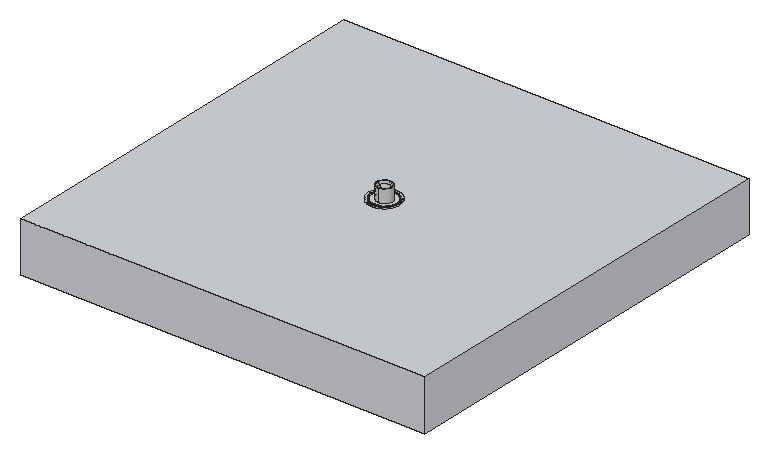
Revit family "LAMP_HANCE DOWNLIGHT SEMIRECESSED FLOOD 3000_4000", category Modelos genéricos, Revit 2015
Parameters (values of type "2686LM 4000K 3000 BLACK")
  Weight = 1.54 kg
  Aro 3000/4000 = yes
  Aro 1000/2000 = no
  Type = "COB PHILIPS"
  Tilting [instance] = if(Tilt < 0.00°, 180.00°, if(Tilt > 85.00°, 265.00°, Tilt + 180.00°))  # 180.00°
  Tilt [instance] = 0.00°
  Recessed diameter = 175 mm
  Protection rating = "IP20"
  Product datasheet = "http://www.lamp.es/product-files/TECH/HD1SR30FL840NBB-EN.pdf"
  Product code = "HD1SR30FL840NBB"
  Product URL = "https://www.lamp.es/en/family/hance-downlight_196363"
  Power Supply = "220-240V 50/60Hz"
  Power = 25 W
  Plum = 27.8 W
  Photometric web file = Cuerpo Hance BASE (tilting)_FL : 2686LM 4000K 3000 BLACK
  Modelo = Product code  # "HD1SR30FL840NBB"
  Model explanation = "Availability of tilting between 0º and 85º when placed in a project."
  Material interior aro = LAMP_Aluminio Hance Negro
  Material aro = LAMP_Aluminio Hance Negro
  Manufacturer name = "LAMP"
  Manufacturer country = "Spain"
  Manufacturer URL = "http://www.lamp.es/en"
  MacAdam = "3"
  Luminaire type = "Indoor - Recessed downlight"
  Last update = "22/11/2019"
  Lamp = "COB LED"
  LED Lifetime = "50.000 L80 B10"
  Insulation class = "II"
  Installation instructions = "https://www.lamp.es/product-files/INS/1004410-B-INSTR.%20DE%20MONTAJE%20HANCE%20DOWNLIGHT.pdf"
  Initial intensity = 2686 lm
  Initial color = 4000 K
  IEE = "A+"
  Gear = "Electronic"
  Finish = "Texturised black RAL 9011"
  Fabricante = Manufacturer name  # "LAMP"
  Default Elevation = 1219.2 mm
  Efficacy = 96.62 lm/W
  Radio aro exterior = 49 mm
  Diameter = 188 mm
  Descripción = "HANCE DOWN SEMIREC 3000 NW FL BK."
  Decorative ring [instance] = Aro decorativo 3000_4000 (tilting) : Black
  Comentarios de tipo = Model explanation  # "Availability of tilting between 0º and 85º when placed in a project."
  CRI = "80"
  Altura modulos = 145 mm
Types (8, lengths in mm): name | Product datasheet | Product code | Power | Plum | Photometric web file | Modelo | Material aro | Initial intensity | Initial color | Finish | Efficacy | Descripción
  2686LM 4000K 3000 BLACK | "http://www.lamp.es/product-files/TECH/HD1SR30FL840NBB-EN.pdf" | "HD1SR30FL840NBB" | 25 W | 27.8 W | Cuerpo Hance BASE (tilting)_FL : 2686LM 4000K 3000 BLACK | "HD1SR30FL840NBB" | LAMP_Aluminio Hance Negro | 2686 lm | 4000 K | "Texturised black RAL 9011" | 96.62 lm/W | "HANCE DOWN SEMIREC 3000 NW FL BK."
  2686LM 4000K 3000 WHITE | "http://www.lamp.es/product-files/TECH/HD1SR30FL840NBW-EN.pdf" | "HD1SR30FL840NBW" | 25 W | 27.8 W | Cuerpo Hance BASE (tilting)_FL : 2686LM 4000K 3000 WHITE | "HD1SR30FL840NBW" | LAMP_Aluminio Hance Blanco | 2686 lm | 4000 K | "Texturised white RAL 9010" | 96.62 lm/W | "HANCE DOWN SEMIREC 3000 NW FL WH."
  2740LM 3000K 3000 BLACK | "http://www.lamp.es/product-files/TECH/HD1SR30FL830NBB-EN.pdf" | "HD1SR30FL830NBB" | 25 W | 28.2 W | Cuerpo Hance BASE (tilting)_FL : 2740LM 3000K 3000 BLACK | "HD1SR30FL830NBB" | LAMP_Aluminio Hance Negro | 2740 lm | 3000 K | "Texturised black RAL 9011" | 97.16 lm/W | "HANCE DOWN SEMIREC 3000 WW FL BK."
  2740LM 3000K 3000 WHITE | "http://www.lamp.es/product-files/TECH/HD1SR30FL830NBW-EN.pdf" | "HD1SR30FL830NBW" | 25 W | 28.2 W | Cuerpo Hance BASE (tilting)_FL : 2740LM 3000K 3000 WHITE | "HD1SR30FL830NBW" | LAMP_Aluminio Hance Blanco | 2740 lm | 3000 K | "Texturised white RAL 9010" | 97.16 lm/W | "HANCE DOWN SEMIREC 3000 WW FL WH."
  3695LM 3000K 4000 BLACK | "http://www.lamp.es/product-files/TECH/HD1SR40FL830NBB-EN.pdf" | "HD1SR40FL830NBB" | 34 W | 37.6 W | Cuerpo Hance BASE (tilting)_FL : 3695LM 3000K 4000 BLACK | "HD1SR40FL830NBB" | LAMP_Aluminio Hance Negro | 3695 lm | 3000 K | "Texturised black RAL 9011" | 98.28 lm/W | "HANCE DOWN SEMIREC 4000 WW FL BK."
  3695LM 3000K 4000 WHITE | "http://www.lamp.es/product-files/TECH/HD1SR40FL830NBW-EN.pdf" | "HD1SR40FL830NBW" | 34 W | 37.6 W | Cuerpo Hance BASE (tilting)_FL : 3695LM 3000K 4000 WHITE | "HD1SR40FL830NBW" | LAMP_Aluminio Hance Blanco | 3695 lm | 3000 K | "Texturised white RAL 9010" | 98.28 lm/W | "HANCE DOWN SEMIREC 4000 WW FL WH."
  3845LM 4000K 4000 BLACK | "http://www.lamp.es/product-files/TECH/HD1SR40FL840NBB-EN.pdf" | "HD1SR40FL840NBB" | 34 W | 37.6 W | Cuerpo Hance BASE (tilting)_FL : 3845LM 4000K 4000 BLACK | "HD1SR40FL840NBB" | LAMP_Aluminio Hance Negro | 3845 lm | 4000 K | "Texturised black RAL 9011" | 102.26 lm/W | "HANCE DOWN SEMIREC 4000 NW FL BK."
  3845LM 4000K 4000 WHITE | "http://www.lamp.es/product-files/TECH/HD1SR40FL840NBW-EN.pdf" | "HD1SR40FL840NBW" | 34 W | 37.6 W | Cuerpo Hance BASE (tilting)_FL : 3845LM 4000K 4000 WHITE | "HD1SR40FL840NBW" | LAMP_Aluminio Hance Blanco | 3845 lm | 4000 K | "Texturised white RAL 9010" | 102.26 lm/W | "HANCE DOWN SEMIREC 4000 NW FL WH."
Reference planes
  plane 1 "Centro (Frontal/Posterior)": y = 0
  plane 2: z = 0
  plane 3 "Centro (Izquierda/Derecha)": x = 0
Forms (mm)
  Extrusion 1, solid
    sketch origin (0, 0, 0) x (1, 0, 0) y (0, 1, 0)
      loop
        line (-1219.2, 1219.2) -> (-1219.2, -1219.2) -> (1219.2, -1219.2) -> (1219.2, 1219.2) -> (-1219.2, 1219.2)
    from 0 to -304.8
  Revolve 2, solid, material "LAMP_Aluminio Hance Negro" <- "Material aro"
    sketch origin (0, 0, 0) x (1, 0, 0) y (0, 0, 1)
      loop
        line (94, 0) -> (94, 1) -> (79.1, 1) -> (79.1, -38.896) -> (87.1, -38.896) -> (87.1, -37.896) -> (81.6, -37.896) -> (81.6, 0) -> (94, 0)
      axis (0, 1) -> (0, -38.896)
    angle from 0 to 360
  Revolve 3, solid, material "LAMP_Aluminio Hance Negro" <- "Material interior aro", visible <- "Aro 3000/4000"
    sketch origin (0, 0, 0) x (1, 0, 0) y (0, 0, 1)
      loop
        arc (74.724, -0.646) -> (74.448, -1.016) -> (74.348, -1.466) r 1.1
        arc (74.348, -1.466) -> (72.204, -17.889) -> (66.127, -33.297) r 67.535
        arc (66.127, -33.297) -> (65.772, -33.665) -> (65.28, -33.8) r 0.965
        line (65.28, -33.8) -> (0, -33.8) -> (0, -34.8) -> (65.28, -34.8)
        arc (65.28, -34.8) -> (65.772, -34.665) -> (66.127, -34.297) r 0.965
        arc (66.127, -34.297) -> (72.204, -18.889) -> (74.348, -2.466) r 67.535
        arc (74.348, -2.466) -> (74.448, -2.016) -> (74.724, -1.646) r 1.1
        arc (74.724, -1.646) -> (76.762, -0.425) -> (79.1, 0) r 6.641
        line (79.1, 0) -> (79.1, 1)
        arc (79.1, 1) -> (76.762, 0.575) -> (74.724, -0.646) r 6.641
      axis (0, 1) -> (0, -34.8)
    angle from 0 to 360
  Extrusion 4, void
    sketch origin (0, 0, 0) x (1, 0, 0) y (0, 1, 0)
      loop
        line (22.671, 46.054) -> (-22.668, 46.054)
        arc (-22.668, 46.054) -> (-69.098, -0.376) -> (-22.668, -46.807) r 46.43
        line (-22.668, -46.807) -> (22.671, -46.807)
        arc (22.671, -46.807) -> (69.102, -0.376) -> (22.671, 46.054) r 46.43
    from -196.113 to 250
Cuts and joins
  Extrusion 4 cuts Revolve 3
Text (mm)
  text "Any modification of the parameters and properties of the LAMP BIM models must be executed and validated by the LAMP technical department.\n\nPhone: +34 93 736 68 00\n\nE-mail: lamp@lamp.es\n\n\n\nLAMP reserves the right to modify the technical specifications of its products." at (39771.841, -40794.867, 40621.237), in view "Preview"
Dimensions and locks
  aligned and locked: plane 2 to Extrusion 1
  aligned and locked: level to Extrusion 1
Nested families
  nested 1: "Aro decorativo 3000_4000 (tilting)" at (0, 0, 4.868) x (1, 0, 0) z (0, 0, -1), type <- "Decorative ring", type "Black"
    with Tilting 180.00°
  nested 2: "Cuerpo Hance BASE (tilting)_FL" at (0, 1.967, 44.588), type <- "Photometric web file", type "2686LM 4000K 3000 BLACK"
    with Tilting 180.00°
Definition of nested family "Aro decorativo 3000_4000 (tilting)"
  Parameters (values of type "Black")
    Weight (3000/4000) = 0.016 kg
    Weight (1000/2000) = 0.01 kg
    Tilting = 0.00°
    Product datasheet = ""
    Product code (3000/4000) = "HSRI90C"
    Product code (1000/2000) = "HSRI65C"
    Product URL = ""
    Model = ""
    Material aro = none
    Manufacturer name = "LAMP"
    Manufacturer country = "Spain"
    Manufacturer URL = "http://www.lamp.es/en"
    Longitud = 42.5 mm
    Last update = "21/05/2018"
    Installation instructions = ""
    Finish = "Metalized matt copper"
    Manufacturer = Manufacturer name  # "LAMP"
    Default Elevation = 1219.2 mm
    Diameter (3000/4000) = 90 mm
    Diameter (1000/2000) = 65 mm
    Description = ""
    Accessory Type = "Optic"
    3000/4000 Model = "HSRI90C"
    3000/4000 Description = "HANCE 3000/4000 ACC. RING DECO CO."
    1000/2000 Model = "HSRI65C"
    1000/2000 Description = "HANCE 1000/2000 ACC. RING DECO CO."
  Types (5, lengths in mm): name | Product code (3000/4000) | Product code (1000/2000) | Finish | 3000/4000 Model | 3000/4000 Description | 1000/2000 Model | 1000/2000 Description
    (no name) | "HSRI90C" | "HSRI65C" | "Metalized matt copper" | "HSRI90C" | "HANCE 3000/4000 ACC. RING DECO CO." | "HSRI65C" | "HANCE 1000/2000 ACC. RING DECO CO."
    Black | "HSRI90C" | "HSRI65C" | "Metalized matt copper" | "HSRI90C" | "HANCE 3000/4000 ACC. RING DECO CO." | "HSRI65C" | "HANCE 1000/2000 ACC. RING DECO CO."
    Copper | "HSRI90C" | "HSRI65C" | "Metalized matt copper" | "HSRI90C" | "HANCE 3000/4000 ACC. RING DECO CO." | "HSRI65C" | "HANCE 1000/2000 ACC. RING DECO CO."
    Grey | "HSRI90M" | "HSRI65M" | "Metalized matt silver" | "HSRI90M" | "HANCE 3000/4000 ACC. RING DECO MET." | "HSRI65M" | "HANCE 1000/2000 ACC. RING DECO MET."
    White | "HSRI90W" | "HSRI65W" | "Matt White" | "HSRI90W" | "HANCE 3000/4000 ACC. RING DECO WH." | "HSRI65W" | "HANCE 1000/2000 ACC. RING DECO WH."
  Reference planes
    plane 1 "Centro (Frontal/Posterior)": y = 0
    plane 2: z = 0
    plane 3 "Centro (Izquierda/Derecha)": x = 0
  Lines and regions (mm)
    reference lines
      curve 1: line (0, 0, 0) -> (0, 0, 80.8)
    model lines
      curve 2: line (68.747, 0, 0) -> (69.9, 0, 0)
  Text (mm)
    text "Any modification of the parameters and properties of the LAMP BIM models must be executed and validated by the LAMP technical department.\n\nPhone: +34 93 736 68 00\n\nE-mail: lamp@lamp.es\n\n\n\nLAMP reserves the right to modify the technical specifications of its products." at (86527.204, -96597.187, 50741.736), in view "Preview"
  Dimensions and locks
    "Tilting": angle curve 1 to plane 3 "Centro (Izquierda/Derecha)"
    aligned and locked: level to plane 2
    aligned and locked: plane 3 "Centro (Izquierda/Derecha)" to curve 1
    aligned and locked: plane 2 to curve 1
  Automatic sketch dimensions
    curve 2 to level = 0 mm
    plane 3 "Centro (Izquierda/Derecha)" to curve 2 = 68.747 mm
    curve 2 to curve 2 = 1.153 mm
  Nested families
    nested 1: "Aro decorativo 3000_4000" at (-27.9, 0, 17.2) x (0, 0, 1) z (-1, 0, 0), type "Copper"
  Definition of nested family "Aro decorativo 3000_4000"
    Parameters (values of type "Black")
      Weight (3000/4000) = 0.016 kg
      Weight (1000/2000) = 0.01 kg
      Product datasheet = ""
      Product code (3000/4000) = "HSRI90C"
      Product code (1000/2000) = "HSRI65C"
      Product URL = ""
      Model = ""
      Material aro = none
      Manufacturer name = "LAMP"
      Manufacturer country = "Spain"
      Manufacturer URL = "http://www.lamp.es/en"
      Longitud = 42.5 mm
      Last update = "21/05/2018"
      Installation instructions = ""
      Finish = "Metalized matt copper"
      Manufacturer = Manufacturer name  # "LAMP"
      Default Elevation = 1219.2 mm
      Diametro vaciado aro interior = if(Diametro aro interior = 35.4 mm, 34.4 mm, 21.9 mm)  # 34.4 mm
      Diametro vaciado aro exterior = if(Diametro aro exterior = 42.9 mm, 41.9 mm, 29.4 mm)  # 41.9 mm
      Diametro aro interior = if(Diametro aro exterior = 42.9 mm, 35.4 mm, 22.9 mm)  # 35.4 mm
      Diametro aro exterior = if(Longitud = 42.5 mm, 42.9 mm, 30.4 mm)  # 42.9 mm
      Diameter (3000/4000) = 90 mm
      Diameter (1000/2000) = 65 mm
      Description = ""
      Accessory Type = "Optic"
      3000/4000 Model = "HSRI90C"
      3000/4000 Description = "HANCE 3000/4000 ACC. RING DECO CO."
      1000/2000 Description = "HANCE 1000/2000 ACC. RING DECO CO."
      1000/2000 Model = "HSRI65C"
    Types (4, lengths in mm): name | Manufacturer URL
      Black | "http://www.lamp.es/en"
      Copper | "http://www.lamp.es/en"
      Grey | "http://www.lamp.es/en"
      White | ""
    Reference planes
      plane 1 "Centro (Frontal/Posterior)": y = 0
      plane 2: z = 0
      plane 3 "Centro (Izquierda/Derecha)": x = 0
    Forms (mm)
      Revolve 1, solid, material <- "Material aro"
        sketch origin (0, 0, -27.9) x (1, 0, 0) y (0, 0, 1)
          loop
            line (42.5, 0) -> (52.682, 0) -> (52.682, 42.9) -> (42.5, 35.4) -> (42.5, 0)
          axis (52.682, 0) -> (42.5, 0)
        angle from 0 to 360
      Revolve 2, void
        sketch origin (0, 0, -27.9) x (1, 0, 0) y (0, 0, 1)
          loop
            line (52.682, 41.9) -> (42.5, 34.4) -> (42.5, 0) -> (52.682, 0) -> (52.682, 41.9)
          axis (42.5, 0) -> (52.682, 0)
        angle from 0 to 360
    Cuts and joins
      Revolve 2 cuts Revolve 1
    Lines and regions (mm)
      reference lines
        curve 1: line (0, 0, -27.9) -> (42.5, 0, -27.9)
    Text (mm)
      text "Any modification of the parameters and properties of the LAMP BIM models must be executed and validated by the LAMP technical department.\n\nPhone: +34 93 736 68 00\n\nE-mail: lamp@lamp.es\n\n\n\nLAMP reserves the right to modify the technical specifications of its products." at (91886.357, -93022.329, 47898.266), in view "Preview"
    Dimensions and locks
      "Diametro aro exterior": Revolve 1 sketch curve to Revolve 1 sketch curve
      "Diametro vaciado aro exterior": Revolve 2 sketch curve to Revolve 2 sketch curve
      "Longitud": curve 1 to plane 3 "Centro (Izquierda/Derecha)"
      "Diametro aro interior": Revolve 1 sketch curve to Revolve 1 sketch curve
      "Diametro vaciado aro interior": Revolve 2 sketch curve to Revolve 2 sketch curve
      aligned and locked: level to plane 2
    Automatic sketch dimensions
      Revolve 1 sketch curve to curve 1 = 0 mm  (x4)
      curve 1 to Revolve 1 sketch curve = 10.182 mm
      Revolve 1 sketch curve to Revolve 1 sketch curve = 0 mm
      Revolve 2 sketch curve to curve 1 = 0 mm  (x3)
      curve 1 to Revolve 2 sketch curve = 10.182 mm
      Revolve 2 sketch curve to curve 1 = 1261.008 mm
      Revolve 2 sketch curve to Revolve 2 sketch curve = 1898.983 mm
      curve 1 to plane 3 "Centro (Izquierda/Derecha)" = 0 mm
      curve 1 to level = 27.9 mm
Definition of nested family "Cuerpo Hance BASE (tilting)_FL"
  Parameters (values of type "675LM 4000K 1000 BLACK")
    Tilting = 90.00°
    Photometric web file = Cuerpo Hance BASE_FL : 675LM 4000K 1000 BLACK
    Longitud cuerpo = 135 mm
    Default Elevation = 1219.2 mm
  Types (17, lengths in mm): name | Photometric web file
    (no name) | Cuerpo Hance BASE_FL : 675LM 4000K 1000 BLACK
    675LM 4000K 1000 BLACK | Cuerpo Hance BASE_FL : 675LM 4000K 1000 BLACK
    675LM 4000K 1000 WHITE | Cuerpo Hance BASE_FL : 675LM 4000K 1000 WHITE
    697LM 3000K 1000 BLACK | Cuerpo Hance BASE_FL : 697LM 3000K 1000 BLACK
    697LM 3000K 1000 WHITE | Cuerpo Hance BASE_FL : 697LM 3000K 1000 WHITE
    1445LM 3000K 2000 BLACK | Cuerpo Hance BASE_FL : 1445LM 3000K 2000 BLACK
    1445LM 3000K 2000 WHITE | Cuerpo Hance BASE_FL : 1445LM 3000K 2000 WHITE
    1466LM 4000K 2000 BLACK | Cuerpo Hance BASE_FL : 1466LM 4000K 2000 BLACK
    1466LM 4000K 2000 WHITE | Cuerpo Hance BASE_FL : 1466LM 4000K 2000 WHITE
    2686LM 4000K 3000 BLACK | Cuerpo Hance BASE_FL : 2686LM 4000K 3000 BLACK
    2686LM 4000K 3000 WHITE | Cuerpo Hance BASE_FL : 2686LM 4000K 3000 WHITE
    2740LM 3000K 3000 BLACK | Cuerpo Hance BASE_FL : 2740LM 3000K 3000 BLACK
    2740LM 3000K 3000 WHITE | Cuerpo Hance BASE_FL : 2740LM 3000K 3000 WHITE
    3695LM 3000K 4000 BLACK | Cuerpo Hance BASE_FL : 3695LM 3000K 4000 BLACK
    3695LM 3000K 4000 WHITE | Cuerpo Hance BASE_FL : 3695LM 3000K 4000 WHITE
    3845LM 4000K 4000 BLACK | Cuerpo Hance BASE_FL : 3845LM 4000K 4000 BLACK
    3845LM 4000K 4000 WHITE | Cuerpo Hance BASE_FL : 3845LM 4000K 4000 WHITE
  Reference planes
    plane 1 "Centro (Frontal/Posterior)": y = 0
    plane 2: z = 0
    plane 3 "Centro (Izquierda/Derecha)": x = 0
  Lines and regions (mm)
    reference lines
      curve 1: line (0, 0, 0) -> (200, 0, 0)
  Dimensions and locks
    "Tilting": angle plane 3 "Centro (Izquierda/Derecha)" to curve 1
    aligned and locked: level to plane 2
    aligned and locked: plane 3 "Centro (Izquierda/Derecha)" to curve 1
    aligned and locked: plane 2 to curve 1
  Nested families
    nested 1: "Cuerpo Hance BASE_FL" at (-27.838, -1.967, 27.875), type <- "Photometric web file", type "675LM 4000K 1000 BLACK"
  Definition of nested family "Cuerpo Hance BASE_FL"
    Parameters (values of type "675LM 4000K 1000 BLACK")
      Tilt Angle = 90.00° + Tilting  # 180.00°
      Wattage = 7.6 W
      Tilting = 90.00°
      built-in parameter 1150107 = 4000 (stored number, unit not read)
      Radio vacio posterior = Radio cuerpo - 2.2 mm  # 30.3 mm
      Radio vaciado = Radio cuerpo - 1.5 mm  # 31 mm
      Radio cuerpo = if(Longitud cuerpo = 100 mm, 45 mm, 32.5 mm)  # 32.5 mm
      built-in parameter 1150110 = 1 (stored number, unit not read)
      built-in parameter 1150109 = 1 (stored number, unit not read)
      built-in parameter 1150112 = 1 (stored number, unit not read)
      built-in parameter 1150113 = 1 (stored number, unit not read)
      built-in parameter 1114218 = 1 (stored number, unit not read)
      built-in parameter 1150137 = (empty or 0)
      built-in parameter 1150132 = 2
      Material reflector = none
      Material cuerpo = none
      Material COB = none
      Longitud cuerpo = 135 mm
      Long. origen luz = if(Longitud cuerpo = 100 mm, 20 mm, if(Longitud cuerpo = 170 mm, 55 mm, 90 mm))  # 90 mm
      L_3 = if(Ancho disipador posterior = 80.4 mm, 39.6 mm, 12 mm)  # 12 mm
      L_2 = if(Ancho disipador posterior = 80.4 mm, 36.3 mm, 22.6 mm)  # 22.6 mm
      L_1 = if(Ancho disipador posterior = 80.4 mm, 36.8 mm, 25.4 mm)  # 25.4 mm
      built-in parameter 1150105 = 2229.4 (stored number, unit not read)
      built-in parameter 1150102 = (empty or 0)
      built-in parameter 1150106 = 22.294 (stored number, unit not read)
      Lumens = 675.032 lm
      Color Filter = 16777215
      built-in parameter 1114217 = 1 (stored number, unit not read)
      built-in parameter 1150139 = (empty or 0)
      Default Elevation = 1219.2 mm
      built-in parameter 1150104 = 8.2516 (stored number, unit not read)
      Diametro aro = if(Radio cuerpo = 45 mm, 42.9 mm, 30.4 mm)  # 30.4 mm
      built-in parameter 1150115 = 1 (stored number, unit not read)
      built-in parameter 1150114 = 1 (stored number, unit not read)
      built-in parameter 1150138 = (empty or 0)
      built-in parameter 1150134 = 12
      Dimming Lamp Color Temperature Shift = (empty or 0)
      Photometric Web File = "HD1RE10FL840NBB.IES"
      Ancho vaciado reflector = if(Radio cuerpo = 45 mm, 34.4 mm, 21.9 mm)  # 21.9 mm
      Ancho reflector = if(Radio cuerpo = 45 mm, 35.4 mm, 22.9 mm)  # 22.9 mm
      Ancho disipador posterior = if(Radio cuerpo = 32.5 mm, 53 mm, 80.4 mm)  # 53 mm
      built-in parameter 1150133 = 10 (stored number, unit not read)
      Altura disipador superior = if(Radio cuerpo = 45 mm, 23.9 mm, 36.9 mm)  # 36.9 mm
      Ancho disipador superior = if(Radio cuerpo = 45 mm, 28 mm, 22.6 mm)  # 22.6 mm
    Types (16, lengths in mm): name | Wattage | built-in parameter 1150107 | Radio vacio posterior | Radio vaciado | Radio cuerpo | Longitud cuerpo | Long. origen luz | L_3 | L_2 | L_1 | built-in parameter 1150105 | built-in parameter 1150106 | Lumens | built-in parameter 1150104 | Diametro aro | built-in parameter 1150134 | Photometric Web File | Ancho vaciado reflector | Ancho reflector | Ancho disipador posterior | Altura disipador superior | Ancho disipador superior
      675LM 4000K 1000 BLACK | 7.6 W | 4000 (stored number, unit not read) | 30.3 | 31 | 32.5 | 135 | 90 | 12 | 22.6 | 25.4 | 2229.4 (stored number, unit not read) | 22.294 (stored number, unit not read) | 675.032 lm | 8.2516 (stored number, unit not read) | 30.4 | 12 | "HD1RE10FL840NBB.IES" | 21.9 | 22.9 | 53 | 36.9 | 22.6
      675LM 4000K 1000 WHITE | 7.6 W | 4000 (stored number, unit not read) | 30.3 | 31 | 32.5 | 135 | 90 | 12 | 22.6 | 25.4 | 2229.4 (stored number, unit not read) | 22.294 (stored number, unit not read) | 675.032 lm | 8.2516 (stored number, unit not read) | 30.4 | 12 | "HD1RE10FL840NBW.IES" | 21.9 | 22.9 | 53 | 36.9 | 22.6
      697LM 3000K 1000 BLACK | 7.7 W | 3000 (stored number, unit not read) | 30.3 | 31 | 32.5 | 135 | 90 | 12 | 22.6 | 25.4 | 1447 (stored number, unit not read) | 14.47 (stored number, unit not read) | 696.773 lm | 8.4068 (stored number, unit not read) | 30.4 | (empty or 0) | "HD1RE10FL830NBB.IES" | 21.9 | 22.9 | 53 | 36.9 | 22.6
      697LM 3000K 1000 WHITE | 7.7 W | 3000 (stored number, unit not read) | 30.3 | 31 | 32.5 | 135 | 90 | 12 | 22.6 | 25.4 | 1447 (stored number, unit not read) | 14.47 (stored number, unit not read) | 696.773 lm | 8.4068 (stored number, unit not read) | 30.4 | (empty or 0) | "HD1RE10FL830NBW.IES" | 21.9 | 22.9 | 53 | 36.9 | 22.6
      1445LM 3000K 2000 BLACK | 20.7 W | 3000 (stored number, unit not read) | 30.3 | 31 | 32.5 | 135 | 90 | 12 | 22.6 | 25.4 | 3001.7 (stored number, unit not read) | 30.017 (stored number, unit not read) | 1445.48 lm | 6.4874 (stored number, unit not read) | 30.4 | (empty or 0) | "HD1RE20FL830NBB.IES" | 21.9 | 22.9 | 53 | 36.9 | 22.6
      1445LM 3000K 2000 WHITE | 20.7 W | 3000 (stored number, unit not read) | 30.3 | 31 | 32.5 | 135 | 90 | 12 | 22.6 | 25.4 | 3001.7 (stored number, unit not read) | 30.017 (stored number, unit not read) | 1445.48 lm | 6.4874 (stored number, unit not read) | 30.4 | (empty or 0) | "HD1RE20FL830NBW.IES" | 21.9 | 22.9 | 53 | 36.9 | 22.6
      1466LM 4000K 2000 BLACK | 20.6 W | 4000 (stored number, unit not read) | 30.3 | 31 | 32.5 | 135 | 90 | 12 | 22.6 | 25.4 | 2960 (stored number, unit not read) | 29.6 (stored number, unit not read) | 1466.1 lm | 6.6119 (stored number, unit not read) | 30.4 | 12 | "HD1RE20FL840NBB.IES" | 21.9 | 22.9 | 53 | 36.9 | 22.6
      1466LM 4000K 2000 WHITE | 20.6 W | 4000 (stored number, unit not read) | 30.3 | 31 | 32.5 | 135 | 90 | 12 | 22.6 | 25.4 | 2960 (stored number, unit not read) | 29.6 (stored number, unit not read) | 1466.1 lm | 6.6119 (stored number, unit not read) | 30.4 | 12 | "HD1RE20FL840NBB.IES" | 21.9 | 22.9 | 53 | 36.9 | 22.6
      2686LM 4000K 3000 BLACK | 27.8 W | 4000 (stored number, unit not read) | 42.8 | 43.5 | 45 | 100 | 20 | 39.6 | 36.3 | 36.8 | 5423.1 (stored number, unit not read) | 54.231 (stored number, unit not read) | 2686.04 lm | 8.9763 (stored number, unit not read) | 42.9 | 12 | "HD1RE30FL840NBB.IES" | 34.4 | 35.4 | 80.4 | 23.9 | 28
      2686LM 4000K 3000 WHITE | 27.8 W | 4000 (stored number, unit not read) | 42.8 | 43.5 | 45 | 100 | 20 | 39.6 | 36.3 | 36.8 | 5423.1 (stored number, unit not read) | 54.231 (stored number, unit not read) | 2686.04 lm | 8.9763 (stored number, unit not read) | 42.9 | 12 | "HD1RE30FL840NBW.IES" | 34.4 | 35.4 | 80.4 | 23.9 | 28
      2740LM 3000K 3000 BLACK | 28.2 W | 3000 (stored number, unit not read) | 42.8 | 43.5 | 45 | 100 | 20 | 39.6 | 36.3 | 36.8 | 8235.7 (stored number, unit not read) | 82.357 (stored number, unit not read) | 2739.91 lm | 9.0265 (stored number, unit not read) | 42.9 | (empty or 0) | "HD1RE30FL830NBB.IES" | 34.4 | 35.4 | 80.4 | 23.9 | 28
      2740LM 3000K 3000 WHITE | 28.2 W | 3000 (stored number, unit not read) | 42.8 | 43.5 | 45 | 100 | 20 | 39.6 | 36.3 | 36.8 | 8235.7 (stored number, unit not read) | 82.357 (stored number, unit not read) | 2739.91 lm | 9.0265 (stored number, unit not read) | 42.9 | (empty or 0) | "HD1RE30FL830NBW.IES" | 34.4 | 35.4 | 80.4 | 23.9 | 28
      3695LM 3000K 4000 BLACK | 37.6 W | 3000 (stored number, unit not read) | 42.8 | 43.5 | 45 | 100 | 20 | 39.6 | 36.3 | 36.8 | 294.06 (stored number, unit not read) | 2.9406 (stored number, unit not read) | 3695.33 lm | 9.1305 (stored number, unit not read) | 42.9 | (empty or 0) | "HD1RE40FL830NBB.IES" | 34.4 | 35.4 | 80.4 | 23.9 | 28
      3695LM 3000K 4000 WHITE | 37.6 W | 3000 (stored number, unit not read) | 42.8 | 43.5 | 45 | 100 | 20 | 39.6 | 36.3 | 36.8 | 294.06 (stored number, unit not read) | 2.9406 (stored number, unit not read) | 3695.33 lm | 9.1305 (stored number, unit not read) | 42.9 | (empty or 0) | "HD1RE40FL830NBB.IES" | 34.4 | 35.4 | 80.4 | 23.9 | 28
      3845LM 4000K 4000 BLACK | 37.6 W | 4000 (stored number, unit not read) | 42.8 | 43.5 | 45 | 100 | 20 | 39.6 | 36.3 | 36.8 | 11268 (stored number, unit not read) | 112.68 (stored number, unit not read) | 3844.98 lm | 9.5003 (stored number, unit not read) | 42.9 | 12 | "HD1RE40FL840NBB.IES" | 34.4 | 35.4 | 80.4 | 23.9 | 28
      3845LM 4000K 4000 WHITE | 37.6 W | 4000 (stored number, unit not read) | 42.8 | 43.5 | 45 | 100 | 20 | 39.6 | 36.3 | 36.8 | 11268 (stored number, unit not read) | 112.68 (stored number, unit not read) | 3844.98 lm | 9.5003 (stored number, unit not read) | 42.9 | 12 | "HD1RE40FL840NBW.IES" | 34.4 | 35.4 | 80.4 | 23.9 | 28
    Reference planes
      plane 1 "Centro (Frontal/Posterior)": y = 0
      plane 2: z = 0
      plane 3 "Centro (Izquierda/Derecha)": x = 0
    Forms (mm)
      Extrusion 1, solid, material <- "Material cuerpo"
        sketch origin (0, 0, 0) x (0, -1, 0) y (0, 0, 1)
          loop
            circle (0, -27.875) r 32.5
        from -93 to 42
      Extrusion 2, void
        sketch origin (0, 0, 0) x (0, 1, 0) y (0, 0, 1)
          loop
            line (11.3, 30) -> (-11.3, 30) -> (-11.3, -6.9)
            arc (-11.3, -6.9) -> (0, -7.855) -> (11.3, -6.9) r 67.349
            line (11.3, -6.9) -> (11.3, 30)
        from -42 to 9.4
      Extrusion 3, void
        sketch origin (0, 0, 0) x (0, 1, 0) y (0, 0, 1)
          loop
            circle (0, -27.875) r 30.3
        from -42 to -41
      Extrusion 4, void
        sketch origin (0, 0, 0) x (0, 1, 0) y (0, 0, 1)
          loop
            line (26.5, -26.291) -> (-26.5, -26.291)
            arc (-26.5, -26.291) -> (-27.7, -27.491) -> (-26.5, -28.691) r 1.2
            line (-26.5, -28.691) -> (26.5, -28.691)
            arc (26.5, -28.691) -> (27.7, -27.491) -> (26.5, -26.291) r 1.2
          loop
            line (26.115, -30.891) -> (-26.115, -30.891)
            arc (-26.115, -30.891) -> (-27.315, -32.091) -> (-26.115, -33.291) r 1.2
            line (-26.115, -33.291) -> (26.115, -33.291)
            arc (26.115, -33.291) -> (27.315, -32.091) -> (26.115, -30.891) r 1.2
          loop
            line (25.4, -35.55) -> (-24.915, -35.55)
            arc (-24.915, -35.55) -> (-26.115, -36.75) -> (-24.915, -37.95) r 1.2
            line (-24.915, -37.95) -> (25.4, -37.95)
            arc (25.4, -37.95) -> (26.6, -36.75) -> (25.4, -35.55) r 1.2
          loop
            line (22.6, -40.091) -> (-22.64, -40.091)
            arc (-22.64, -40.091) -> (-23.84, -41.291) -> (-22.64, -42.491) r 1.2
            line (-22.64, -42.491) -> (22.6, -42.491)
            arc (22.6, -42.491) -> (23.8, -41.291) -> (22.6, -40.091) r 1.2
          loop
            line (19.043, -44.691) -> (-19.086, -44.691)
            arc (-19.086, -44.691) -> (-20.286, -45.891) -> (-19.086, -47.091) r 1.2
            line (-19.086, -47.091) -> (19.043, -47.091)
            arc (19.043, -47.091) -> (20.243, -45.891) -> (19.043, -44.691) r 1.2
          loop
            line (15.357, -49.291) -> (-15.5, -49.291)
            arc (-15.5, -49.291) -> (-16.6, -50.391) -> (-15.5, -51.491) r 1.1
            line (-15.5, -51.491) -> (15.357, -51.491)
            arc (15.357, -51.491) -> (16.457, -50.391) -> (15.357, -49.291) r 1.1
          loop
            line (6, -53.691) -> (-6, -53.691)
            arc (-6, -53.691) -> (-7.1, -54.791) -> (-6, -55.891) r 1.1
            line (-6, -55.891) -> (6, -55.891)
            arc (6, -55.891) -> (7.1, -54.791) -> (6, -53.691) r 1.1
        from -42 to -38.7
      Extrusion 5, void
        sketch origin (0, 0, 0) x (-1, 0, 0) y (0, -1, 0)
          loop
            line (37.7, -9.12) -> (37.7, 9.12)
            arc (37.7, 9.12) -> (36.6, 10.22) -> (35.5, 9.12) r 1.1
            line (35.5, 9.12) -> (35.5, -9.12)
            arc (35.5, -9.12) -> (36.6, -10.22) -> (37.7, -9.12) r 1.1
          loop
            line (28.9, -9.12) -> (28.9, 9.12)
            arc (28.9, 9.12) -> (27.8, 10.22) -> (26.7, 9.12) r 1.1
            line (26.7, 9.12) -> (26.7, -9.12)
            arc (26.7, -9.12) -> (27.8, -10.22) -> (28.9, -9.12) r 1.1
          loop
            line (20.1, -9.12) -> (20.1, 9.12)
            arc (20.1, 9.12) -> (19, 10.22) -> (17.9, 9.12) r 1.1
            line (17.9, 9.12) -> (17.9, -9.12)
            arc (17.9, -9.12) -> (19, -10.22) -> (20.1, -9.12) r 1.1
        from -51.491 to 30
      Extrusion 6, void
        sketch origin (0, 0, 0) x (-1, 0, 0) y (0, -1, 0)
          loop
            line (33.3, -9.12) -> (33.3, 9.12)
            arc (33.3, 9.12) -> (32.2, 10.22) -> (31.1, 9.12) r 1.1
            line (31.1, 9.12) -> (31.1, -9.12)
            arc (31.1, -9.12) -> (32.2, -10.22) -> (33.3, -9.12) r 1.1
          loop
            line (24.5, -9.12) -> (24.5, 9.12)
            arc (24.5, 9.12) -> (23.4, 10.22) -> (22.3, 9.12) r 1.1
            line (22.3, 9.12) -> (22.3, -9.12)
            arc (22.3, -9.12) -> (23.4, -10.22) -> (24.5, -9.12) r 1.1
        from -8.232 to 30
      Extrusion 7, void
        sketch origin (0, 0, 0) x (0, 1, 0) y (0, 0, 1)
          loop
            circle (0, -27.875) r 31
        from 17.213 to 93
      Revolve 8, solid, material <- "Material reflector"
        sketch origin (0, 0, 0) x (1, 0, 0) y (0, 0, 1)
          loop
            line (60.5, -27.875) -> (80.818, -27.875) -> (80.818, -4.975) -> (60.5, -19.875) -> (60.5, -27.875)
          axis (60.5, -27.875) -> (80.818, -27.875)
        angle from 0 to 360
      Revolve 9, void
        sketch origin (0, 0, 0) x (1, 0, 0) y (0, 0, 1)
          loop
            line (80.818, -5.975) -> (61.5, -20.142) -> (60.5, -20.142) -> (60.5, -27.875) -> (61.5, -27.875) -> (80.818, -27.875) -> (80.818, -5.975)
          axis (80.818, -27.875) -> (60.5, -27.875)
        angle from 0 to 360
      Extrusion 10, solid, material <- "Material COB"
        sketch origin (0, 0, 0) x (0, -1, 0) y (0, 0, 1)
          loop
            circle (0, -27.875) r 7.733
        from -61.5 to -60.5
    Cuts and joins
      Extrusion 2, Extrusion 3, Extrusion 4, Extrusion 5, Extrusion 6, Extrusion 7 cuts Extrusion 1
      Revolve 9 cuts Revolve 8
    Lines and regions (mm)
      reference lines
        curve 1: line (0, 0, 0) -> (178.042, 0, 0)
        curve 2: line (93, 0, -27.875) -> (183, 0, -27.875)
        curve 3: line (0, 0, 0) -> (0, 0, -75)
        curve 4: line (93, 0, -22.875) -> (93, 0, -32.875)
    Text (mm)
      text "Any modification of the parameters and properties of the LAMP BIM models must be executed and validated by the LAMP technical department.\n\nPhone: +34 93 736 68 00\n\nE-mail: lamp@lamp.es\n\n\n\nLAMP reserves the right to modify the technical specifications of its products." at (97482.136, -81600.41, 57308.082), in view "Preview"
    Dimensions and locks
      locked: Revolve 9 sketch curve to cut or joined group of Extrusion 1, Extrusion 2, Extrusion 3, Extrusion 4, Extrusion 5, Extrusion 6, Extrusion 7 at 12.182
      "Longitud cuerpo": cut or joined group of Extrusion 1, Extrusion 2, Extrusion 3, Extrusion 4, Extrusion 5, Extrusion 6, Extrusion 7 to cut or joined group of Extrusion 1, Extrusion 2, Extrusion 3, Extrusion 4, Extrusion 5, Extrusion 6, Extrusion 7
      locked: cut or joined group of Extrusion 1, Extrusion 2, Extrusion 3, Extrusion 4, Extrusion 5, Extrusion 6, Extrusion 7 to curve 3 at 42
      locked: cut or joined group of Revolve 8, Revolve 9 to cut or joined group of Extrusion 1, Extrusion 2, Extrusion 3, Extrusion 4, Extrusion 5, Extrusion 6, Extrusion 7 at 12.182
      locked: cut or joined group of Revolve 8, Revolve 9 to cut or joined group of Revolve 8, Revolve 9 at 20.318
      locked: cut or joined group of Extrusion 1, Extrusion 2, Extrusion 3, Extrusion 4, Extrusion 5, Extrusion 6, Extrusion 7 to Extrusion 10 at 31.5
      locked: Extrusion 10 to Extrusion 10 at 1
      "Long. origen luz": curve 4 to curve 2
      equal spacing: Extrusion 4 sketch curve, plane 1 "Centro (Frontal/Posterior)", Extrusion 4 sketch curve  (x2)
      "Ancho disipador posterior": Extrusion 4 sketch curve to Extrusion 4 sketch curve
      "L_1": Extrusion 4 sketch curve to plane 1 "Centro (Frontal/Posterior)"
      "L_2": Extrusion 4 sketch curve to curve 3
      "L_3": Extrusion 4 sketch curve to Extrusion 4 sketch curve
      equal spacing: Extrusion 2 sketch curve, plane 1 "Centro (Frontal/Posterior)", Extrusion 2 sketch curve
      "Ancho disipador superior": Extrusion 2 sketch curve to Extrusion 2 sketch curve
      "Altura disipador superior": Extrusion 2 sketch curve to Extrusion 2 sketch curve
      locked: plane 2 to Extrusion 2 sketch curve at 30
      "Ancho reflector": Revolve 8 sketch curve to imposter light
      "Ancho vaciado reflector": Revolve 9 sketch curve to imposter light
      "Radio cuerpo": radius of Extrusion 1 sketch curve
      "Radio vaciado": radius of Extrusion 7 sketch curve
      "Radio vacio posterior": radius of Extrusion 3 sketch curve
      "Tilting": angle plane 3 "Centro (Izquierda/Derecha)" to curve 1
      aligned and locked: level to plane 2
      aligned and locked: imposter light to curve 2  (x2)
      aligned and locked: cut or joined group of Extrusion 1, Extrusion 2, Extrusion 3, Extrusion 4, Extrusion 5, Extrusion 6, Extrusion 7 to cut or joined group of Extrusion 1, Extrusion 2, Extrusion 3, Extrusion 4, Extrusion 5, Extrusion 6, Extrusion 7
    Automatic sketch dimensions
      curve 1 to Extrusion 5 sketch curve = 17.9 mm
      Extrusion 5 sketch curve to Extrusion 5 sketch curve = 1.1 mm  (x3)
      Extrusion 5 sketch curve to Extrusion 5 sketch curve = 6.6 mm  (x2)
      Extrusion 5 sketch curve to curve 1 = 9.12 mm  (x2)
      Extrusion 5 sketch curve to Extrusion 5 sketch curve = 0 mm  (x3)
      curve 1 to Extrusion 5 sketch curve = 9.12 mm
      curve 1 to Extrusion 6 sketch curve = 22.3 mm
      Extrusion 6 sketch curve to Extrusion 6 sketch curve = 1.1 mm  (x2)
      Extrusion 6 sketch curve to Extrusion 6 sketch curve = 6.6 mm
      Extrusion 6 sketch curve to curve 1 = 9.12 mm
      Extrusion 6 sketch curve to Extrusion 6 sketch curve = 0 mm  (x2)
      curve 1 to Extrusion 6 sketch curve = 9.12 mm
      Extrusion 10 sketch curve to plane 1 "Centro (Frontal/Posterior)" = 0 mm
      Extrusion 1 sketch curve to plane 1 "Centro (Frontal/Posterior)" = 0 mm
      Extrusion 1 sketch curve to level = 27.875 mm
      Extrusion 2 sketch curve to plane 1 "Centro (Frontal/Posterior)" = 0 mm
      Extrusion 2 sketch curve to Extrusion 2 sketch curve = 29.494 mm
      Extrusion 3 sketch curve to plane 1 "Centro (Frontal/Posterior)" = 0 mm
      Extrusion 3 sketch curve to level = 27.875 mm
      Extrusion 4 sketch curve to Extrusion 4 sketch curve = 0.385 mm  (x2)
      Extrusion 4 sketch curve to Extrusion 4 sketch curve = 1.2 mm  (x6)
      Extrusion 4 sketch curve to Extrusion 4 sketch curve = 2.276 mm
      Extrusion 4 sketch curve to Extrusion 4 sketch curve = 3.554 mm
      Extrusion 4 sketch curve to Extrusion 4 sketch curve = 3.586 mm
      Extrusion 4 sketch curve to Extrusion 4 sketch curve = 9.357 mm
      Extrusion 4 sketch curve to Extrusion 4 sketch curve = 3.557 mm
      Extrusion 4 sketch curve to level = 55.891 mm
      Extrusion 4 sketch curve to Extrusion 4 sketch curve = 1.1 mm  (x2)
      Extrusion 4 sketch curve to Extrusion 4 sketch curve = 2.2 mm  (x4)
      Extrusion 4 sketch curve to Extrusion 4 sketch curve = 2.141 mm
      Extrusion 4 sketch curve to Extrusion 4 sketch curve = 2.259 mm
      Extrusion 7 sketch curve to plane 1 "Centro (Frontal/Posterior)" = 0 mm
      Extrusion 7 sketch curve to level = 27.875 mm
      curve 1 to Revolve 8 sketch curve = 19.875 mm
      curve 1 to Revolve 8 sketch curve = 60.5 mm
      Revolve 8 sketch curve to Revolve 8 sketch curve = 20.318 mm
      Revolve 8 sketch curve to Revolve 8 sketch curve = 8 mm
      Revolve 8 sketch curve to Revolve 8 sketch curve = 0 mm  (x2)
      Revolve 8 sketch curve to Revolve 8 sketch curve = 9.682 mm
      Revolve 9 sketch curve to Revolve 9 sketch curve = 19.318 mm
      Revolve 9 sketch curve to Revolve 9 sketch curve = 0 mm  (x3)
      Revolve 9 sketch curve to Revolve 9 sketch curve = 1 mm
      curve 1 to Revolve 9 sketch curve = 20.142 mm
      Revolve 9 sketch curve to Revolve 9 sketch curve = 7.733 mm
      Revolve 9 sketch curve to Revolve 9 sketch curve = 9.682 mm
      curve 1 to level = 0 mm
      curve 1 to plane 3 "Centro (Izquierda/Derecha)" = 0 mm
      curve 3 to curve 1 = 0 mm  (x2)
      curve 3 to curve 1 = 75 mm
      curve 1 to curve 4 = 32.875 mm
      curve 4 to curve 1 = 85.042 mm
      curve 2 to curve 1 = 27.875 mm
      curve 2 to curve 4 = 5 mm
      radius of Extrusion 10 sketch curve = 7.733 mm
